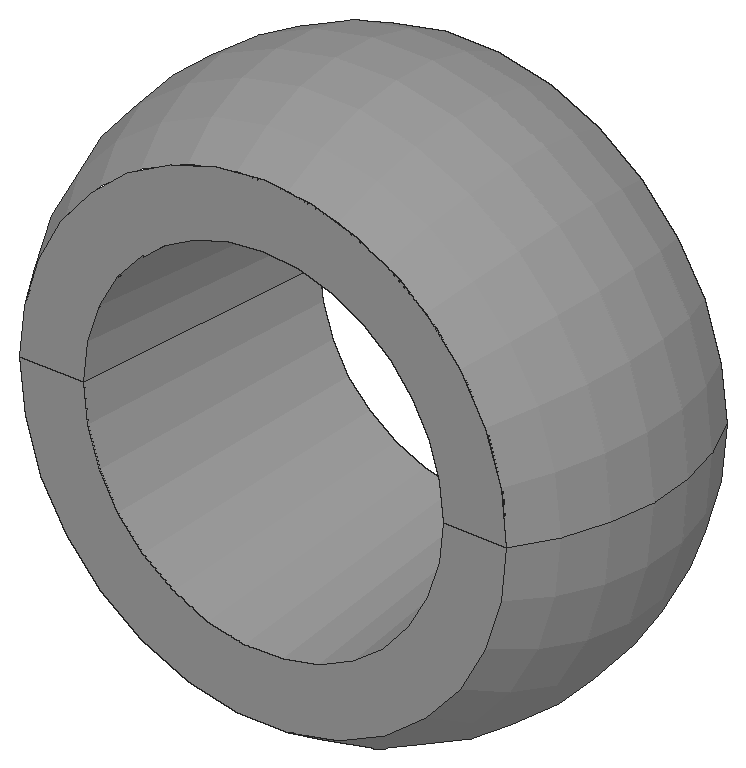
Revit family "VK206", category Sprinklers, Revit 2012
Parameters
  URL = "http://www.vikinggroupinc.com/databook/sprinklers/sr/stcov/030492.pdf"
  Model = "VK206"
  Manufacturer = "Viking"
  K-Factor = 8
Reference planes (in)
  plane 1 "Center (Front/Back)": y = 0
  plane 2: z = 0
  plane 3 "Center (Left/Right)": x = 0
  plane 4 "Threads": y = -0.57161
Forms (in)
  Revolve 1, solid, material "Default"
    sketch origin (0, 0, 0) x (1, 0, 0) y (0, 1, 0)
      loop
        arc (-0.49336, -0.47609) -> (-0.55772, -0.73097) -> (-0.47139, -0.97927) r 0.45814
        line (-0.47139, -0.97927) -> (-0.34797, -0.97927) -> (-0.29508, -0.47609) -> (-0.49336, -0.47609)
      axis (0, -0.47609) -> (0, -0.97927)
    angle from 0 to 360
Dimensions and locks (in)
  aligned and locked: plane 2 to level
Connectors (in)
  piping at (0, -0.57161, 0)
    settings: index 1, connector radius 1", flow factor 0, pipe flow 0 GPM, pressure drop 0.00 psi, fitting loss kfactor 0, connector angle 0.00°, fixture units 0, engagement length 0' - 0", flow configuration 0, flow direction 0, fitting loss method 0, system type 7, joint type 0, gender type 0, connector reference index -1, connector utility 0, adjustable connector no, is connector primary yes, fitting loss table "", connector description ""
